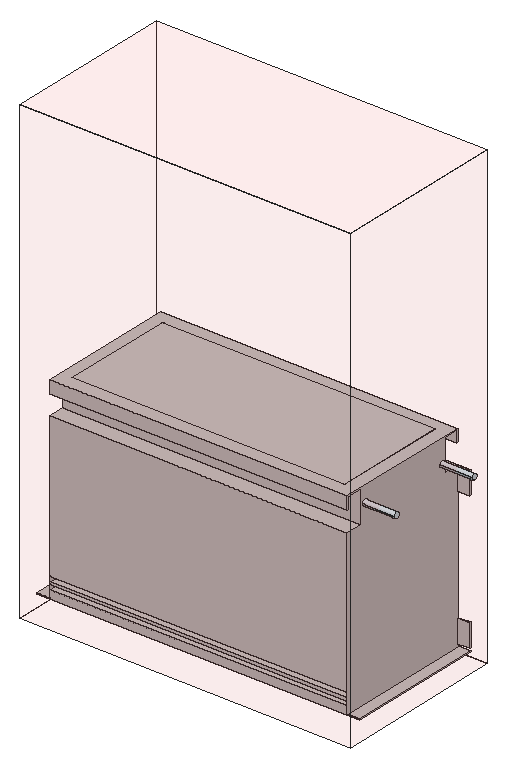
Revit family "Air-Curtain_Vestibule-Except_PoweredAire_ETA-HWST", category Mechanical Equipment, host Face, Revit 2016
Family settings
  Host = Face
  Part Type = Normal
  Round Connector Dimension = Use Diameter
  OmniClass Number = 23.75.35.17.21
  OmniClass Title = Air Curtains
  Cut with Voids When Loaded = No
  Shared = No
  Room Calculation Point = No
Parameters
  upperrotation [instance] = if(Upper Pipe Connection Side A, 0.00°, 180.00°)  # 0.00°
  lowerrotation [instance] = if(Lower Pipe Connection Side A, 0.00°, 180.00°)  # 0.00°
  locateupperpipe [instance] = if(Upper Pipe Connection Side A, 0' 0", Nozzle Width)  # 0' - 0"
  locatelowerpipe [instance] = if(Lower Pipe Connection Side A, 0' 0", Nozzle Width)  # 0' - 0"
  Warranty Duration (Years) = 0
  Upper Pipe Connection Side A [instance] = yes
  Unit Width Notes = "Other Widths available."  # constant formula
  Unit Width = 3' - 3"
  Unit Weight = 0
  Unit Height = 1' - 4 3/4"
  Unit Depth [instance] = if(Include Filters, 2' 1 7/8", 1' 11 3/4")  # 1' - 11 3/4"
  URL = "http://www.poweredaire.com/"
  Test Data = ""
  Standards Conformance = "as Specified"
  Specification = "http://www.arcat.com/sdspecs/htm04/23_34_33pai.htm"
  SpecWizard = ""
  Sound Pressure = "as Specified"
  Sales Information = "http://www.poweredaire.com/contact_us"
  Revision = "R1_2016-08"
  Projection from Host [instance] = 0' - 2"
  Product Properties = ""
  Product Data = "http://www.arcat.com/arcatcos/cos47/arc47623.html"
  Power Rating = 0 W
  Piping_Water Flow [instance] = 0 GPM
  Piping_Operating Pressure [instance] = 0.00 psi
  Piping_Exit Temperature [instance] = 0 °F
  Piping_Entry Temperature [instance] = 0 °F
  Pipe OD [instance] = 5/8"
  Nozzle Width = if(1 = 1, Unit Width - 0' 3", 0' 0")  # 3' - 0"
  Mounting Width = if(1 = 1, Unit Width - 0' 1 1/2", 0' 0")  # 3' - 1 1/2"
  Mounting Height [instance] = 3' - 6"
  Motor RPM = 0
  Motor HP = 0
  Motor Count = 0
  Model = "As Specified"
  Max Height = 0' - 0"
  Manufacturer Website = "http://www.poweredaire.com/"
  Manufacturer Phone - Toll Free = "888-321-2473"
  Manufacturer Phone = "724-588-3305"
  Manufacturer Fax = "724-588-3371"
  Manufacturer Address = "109 Mortensen Rd.  Greenville, PA 16125"
  Manufacturer = "Powered Aire, Inc"
  Maintenance Schedule (Months) = 0
  Lower Pipe Connection Side A [instance] = yes
  Keynote = "23 34 33"
  Installation-Fabrication = ""
  Installation Phase = ""
  Include Filters [instance] = no
  Include Clearance [instance] = yes
  Heating Element Load = 0 W
  HVAC_Temperature Rise = 0 °F
  HVAC_Outlet Volume = 0 CFM
  HVAC_Outlet Velocity Uniformity = 0
  HVAC_Outlet Velocity = 0 FPM
  HVAC_BTU Input = 0.0 Btu/h
  Green Building-LEED = "http://www.arcat.com/green/clients/leed_data_47623.html"
  Front Grating Material [instance] = Metal - Steel - PoweredAire - Stainless 304 Perforated
  Frame Finish [instance] = Metal - Steel - PoweredAire - Stainless 304
  Expected Lifespan (Years) = 0
  Electrical_Wattage [instance] = Power Rating + Heating Element Load  # 0 W
  Electrical_Voltage [instance] = 0 V
  Electrical_Phase [instance] = 1
  Electrical_Frequency [instance] = 0 Hz
  Electrical_Amperage [instance] = 0 A
  Drawn By = "Sumex Design, Inc. / Robert S. Weygant, CSI, CDT, SCIP"
  Description = "Powered Aire Air Curtain as Specified"
  Default Elevation = 0' - 0"  # constant formula
  Copyright = "©Arcat Inc."
  Construction Details = "http://www.arcat.com/details/powair/prod3336.html"
  Clearance_Top [instance] = 0' - 2"
  Clearance_Side B [instance] = 0' - 0 1/2"
  Clearance_Side A [instance] = 0' - 0 1/2"
  Clearance_Intake [instance] = 2' - 6"
  Clearance_Bottom [instance] = 0' - 2"
  Clearance Material [instance] = ARCAT Clearance
  Building Codes = ""
  Available Options [instance] = "as Specified"
  Assembly Code = "D3090400"
Reference planes (in)
  plane 1 "Center (Elevation)": y = 0.13818
  plane 2: z = 0
  plane 3 "Center (Left/Right)": x = 0
  plane 4: y = 8.51318
  plane 5: y = -8.23682
  plane 6: x = -19.5
  plane 7: x = 19.5
  plane 8: z = 25.75
  plane 9 "FF": y = -41.86182
  plane 10: z = 2
  plane 11: x = 18
  plane 12: x = -18
  plane 13: y = 10.51318
  plane 14: y = -10.23682
  plane 15: x = -20
  plane 16: x = 20
  plane 17: z = 55.75
  plane 18: x = 17.9375
  plane 19: x = -17.9375
  plane 20: x = 18
  plane 21: x = 18
  plane 22: y = 6.01318
  plane 23: y = -5.73682
Forms (in)
  Extrusion 1, solid, material "Metal - Steel - PoweredAire - Stainless 304" <- "Frame Finish"
    sketch origin (0, 0, 0) x (0, 1, 0) y (0, 0, 1)
      loop
        line (-8.23682, 2) -> (8.51318, 2) -> (8.51318, 21.8125) -> (6.51318, 21.8125) -> (6.51318, 25.625) -> (8.38818, 25.625) -> (8.38818, 24.25) -> (8.51318, 24.25) -> (8.51318, 25.75) -> (-8.23682, 25.75) -> (-8.23682, 24.25) -> (-8.11182, 24.25) -> (-8.11182, 25.625) -> (-6.23682, 25.625) -> (-6.23682, 21.8125) -> (-8.23682, 21.8125) -> (-8.23682, 2)
    from -18 to 18
  Extrusion 2, solid, material "ARCAT Clearance" <- "Clearance Material", visible <- "Include Clearance"
    sketch origin (0, 0, 0) x (0, 1, 0) y (0, 0, 1)
      loop
        line (-10.23682, 55.75) -> (-10.23682, 0) -> (10.51318, 0) -> (10.51318, 55.75) -> (-10.23682, 55.75)
    from -20 to 20
  Extrusion 3, solid, material "Metal - Steel - PoweredAire - Stainless 304" <- "Frame Finish"
    sketch origin (-15.17702, -180, 2) x (-1, 0, 0) y (0, -1, 0)
      loop
        line (-33.17702, -188.51318) -> (-33.17702, -171.76318) -> (-34.67702, -171.76318) -> (-34.67702, -188.51318) -> (-33.17702, -188.51318)
      loop
        line (2.82298, -188.51318) -> (4.32298, -188.51318) -> (4.32298, -171.76318) -> (2.82298, -171.76318) -> (2.82298, -188.51318)
    from 0 to 0.125
  Extrusion 4, solid, material "Metal - Steel - PoweredAire - Stainless 304" <- "Frame Finish"
    sketch origin (-11.83813, 8.51318, 48) x (-1, 0, 0) y (0, 0, 1)
      loop
        line (-29.83813, -45.5) -> (-29.83813, -42.75) -> (-31.33813, -42.75) -> (-31.33813, -45.5) -> (-29.83813, -45.5)
      loop
        line (-29.83813, -28.9375) -> (-29.83813, -26.1875) -> (-31.33813, -26.1875) -> (-31.33813, -28.9375) -> (-29.83813, -28.9375)
      loop
        line (6.16187, -45.5) -> (7.66187, -45.5) -> (7.66187, -42.75) -> (6.16187, -42.75) -> (6.16187, -45.5)
      loop
        line (6.16187, -28.9375) -> (7.66187, -28.9375) -> (7.66187, -26.1875) -> (6.16187, -26.1875) -> (6.16187, -28.9375)
    from 0 to -0.125
  Extrusion 5, void
    sketch origin (0, 0, 0) x (0, 1, 0) y (0, 0, 1)
      loop
        line (-8.23682, 3) -> (-7.23682, 3) -> (-7.23682, 4.5) -> (-8.23682, 4.5) -> (-8.23682, 3.82425) -> (-7.38364, 3.82425) -> (-7.38364, 3.57425) -> (-8.23682, 3.57425) -> (-8.23682, 3)
    from -17.9375 to 17.9375
  Extrusion 6, solid, material "Metal - Steel - PoweredAire - Stainless 304 Perforated" <- "Front Grating Material"
    sketch origin (0, -8.23682, 25.75) x (0, 1, 0) y (-1, 0, 0)
      loop
        line (15.25, 16.5) -> (1.5, 16.5) -> (1.5, -16.5) -> (15.25, -16.5) -> (15.25, 16.5)
    from 0 to 0.03125
  Sweep 7, solid
    path origin (18, 6.01318, 0) x (1, 0, 0) y (0, 1, 0)
      loop
        line (0, 0) -> (4, 0)
    profile origin (20, 6.01318, 0) x (0, 1, 0) y (0, 0, 1)
      loop
        circle (0, 23) r 0.3125
  Sweep 8, solid
    path origin (18, -5.73682, 0) x (1, 0, 0) y (0, 1, 0)
      loop
        line (0, 0) -> (4, 0)
    profile origin (20, -5.73682, 0) x (0, 1, 0) y (0, 0, 1)
      loop
        circle (0, 24) r 0.3125
Cuts and joins
  Extrusion 5 cuts Extrusion 1
Lines and regions (in)
  reference lines
    curve 1: line (18, 6.01318, 0) -> (22.75, 6.01318, 0)
    curve 2: line (18, -5.73682, 0) -> (23.75, -5.73682, 0)
Dimensions and locks (in)
  equal spacing: plane 4, plane 1 "Center (Elevation)", plane 5
  "Unit Height": plane 4 to plane 5
  equal spacing: plane 6, plane 3 "Center (Left/Right)", plane 7
  "Unit Width": plane 6 to plane 7
  "Mounting Height": plane 1 "Center (Elevation)" to plane 9 "FF"
  "Projection from Host": plane 10 to level
  "Unit Depth": plane 8 to plane 10
  locked: plane 6 to plane 12 at 1.5
  locked: plane 11 to plane 7 at 1.5
  "Clearance_Side A": plane 7 to plane 16
  "Clearance_Side B": plane 15 to plane 6
  "Clearance_Top": plane 13 to plane 4
  "Clearance_Bottom": plane 5 to plane 14
  "Clearance_Intake": plane 17 to plane 8
  plane 5 to Extrusion 1 sketch curve to Extrusion 1 sketch curve = 0' - 0 1/8" locked, 0' - 1 7/8" locked
  Extrusion 1 sketch curve to Extrusion 1 sketch curve to plane 4 = 0' - 1 7/8" locked, 0' - 0 1/8" locked
  Extrusion 4 sketch curve to Extrusion 4 sketch curve to Extrusion 4 sketch curve to Extrusion 4 sketch curve to plane 10 = 0' - 2 3/4" locked, 1' - 1 13/16" locked, 0' - 2 3/4" locked, 0' - 0 1/2" locked
  Extrusion 4 sketch curve to Extrusion 4 sketch curve to Extrusion 4 sketch curve to Extrusion 4 sketch curve = 0' - 2 3/4" locked, 1' - 1 13/16" locked, 0' - 2 3/4" locked
  locked: Extrusion 4 sketch curve to plane 10 at 0.5
  plane 8 to Extrusion 1 sketch curve to Extrusion 1 sketch curve = 0' - 0 1/8" locked, 0' - 1 3/8" locked  (x2)
  locked: Extrusion 1 sketch curve to plane 10 at 19.8125  (x2)
  Extrusion 5 sketch curve to Extrusion 5 sketch curve to Extrusion 5 sketch curve to Extrusion 5 sketch curve to plane 10 = 0' - 0.67575" locked, 0' - 0 1/4" locked, 0' - 0.57425" locked, 0' - 1" locked
  plane 5 to Extrusion 5 sketch curve to Extrusion 5 sketch curve = 0' - 0.85319" locked, 0' - 0.14681" locked
  locked: plane 19 to plane 12 at 0.0625
  locked: plane 11 to plane 18 at 0.0625
  locked: plane 4 to Extrusion 6 sketch curve at 1.5
  locked: Extrusion 6 sketch curve to plane 5 at 1.5
  locked: Extrusion 6 sketch curve to plane 11 at 1.5
  locked: plane 12 to Extrusion 6 sketch curve at 1.5
  "locateupperpipe": plane 20 to plane 11
  "locatelowerpipe": plane 21 to plane 11
  locked: plane 4 to plane 22 at 2.5
  locked: plane 23 to plane 5 at 2.5
  locked: curve 1 to Sweep 7 sketch curve at 4
  locked: curve 1 to Sweep 7 sketch curve
  locked: Sweep 7 sketch curve to plane 10 at 21
  locked: curve 2 to Sweep 8 sketch curve at 4
  locked: curve 2 to Sweep 8 sketch curve
  locked: Sweep 8 sketch curve to plane 10 at 22
  "upperrotation": angle plane 22 to curve 1
  "lowerrotation": angle plane 23 to curve 2
  aligned and locked: plane 2 to host face
  aligned and locked: level to host face
  aligned and locked: Extrusion 2 sketch curve to plane 17
  aligned and locked: plane 14 to Extrusion 2 sketch curve
  aligned and locked: level to Extrusion 2 sketch curve
  aligned and locked: Extrusion 2 sketch curve to plane 13
  aligned and locked: plane 16 to Extrusion 2
  aligned and locked: Extrusion 2 to plane 15
  aligned and locked: plane 11 to Extrusion 1
  aligned and locked: Extrusion 1 to plane 12
  aligned and locked: plane 21 to curve 2
  aligned and locked: plane 23 to curve 2
  aligned and locked: plane 22 to curve 1
  aligned and locked: plane 20 to curve 1
Automatic sketch dimensions
  host sketch curve to host sketch curve = 8' - 0"  (x2)
  Extrusion 1 sketch curve to plane 5 = 0' - 0"  (x2)
  Extrusion 1 sketch curve to plane 4 = 0' - 0"  (x2)
  Extrusion 1 sketch curve to plane 10 = 0' - 0"
  Extrusion 1 sketch curve to plane 8 = 0' - 0"
  plane 4 to Extrusion 3 sketch curve = 0' - 0"
  Extrusion 3 sketch curve to plane 7 = 0' - 0"
  plane 5 to Extrusion 3 sketch curve = 0' - 0"
  Extrusion 3 sketch curve to plane 11 = 0' - 0"
  Extrusion 3 sketch curve to plane 4 = 0' - 0"
  Extrusion 3 sketch curve to plane 12 = 0' - 0"
  Extrusion 3 sketch curve to plane 6 = 0' - 0"
  Extrusion 3 sketch curve to plane 5 = 0' - 0"
  Extrusion 4 sketch curve to plane 7 = 0' - 0"  (x2)
  Extrusion 4 sketch curve to plane 11 = 0' - 0"  (x2)
  Extrusion 4 sketch curve to plane 12 = 0' - 0"  (x2)
  Extrusion 4 sketch curve to plane 6 = 0' - 0"  (x2)
  Extrusion 5 sketch curve to plane 5 = 0' - 0"  (x2)
  Sweep 7 sketch curve to profile plane = 0' - 0"
  Sweep 8 sketch curve to profile plane = 0' - 0"
  radius of Sweep 7 sketch curve = 0' - 0 5/16"
  radius of Sweep 8 sketch curve = 0' - 0 5/16"
Connectors (in)
  piping at (22, 6.01318, 23), diameter 0.625, driven by "Pipe OD", driven by "Piping_Water Flow"
    settings: on Sweep 7, index 1, connector inside diameter 24", connector length 0' - 0", flow factor 0, pipe flow 0 GPM, pressure drop 0.00 psi, fitting loss kfactor 0, connector angle 0.00°, fixture units 0, engagement length 0' - 0", angle of deflection 0.00°, flow configuration 0, flow direction 0, fitting loss method 0, system type 29, joint type 0, gender type 0, connector reference index -1, connector utility 0, adjustable connector no, is connector primary yes, connector description "Define Supply or Return and Location"
  piping at (22, -5.73682, 24), diameter 0.625, driven by "Pipe OD", driven by "Piping_Water Flow"
    settings: on Sweep 8, index 2, connector inside diameter 24", connector length 0' - 0", flow factor 0, pipe flow 0 GPM, pressure drop 0.00 psi, fitting loss kfactor 0, connector angle 0.00°, fixture units 0, engagement length 0' - 0", angle of deflection 0.00°, flow configuration 0, flow direction 0, fitting loss method 0, system type 29, joint type 0, gender type 0, connector reference index -1, connector utility 0, adjustable connector no, is connector primary no, connector description "Define Supply or Return and Location"
  electrical at (-18, 0.13818, 21.39062), driven by "Electrical_Voltage", driven by "Electrical_Phase"
    settings: on cut or joined group of Extrusion 1, Extrusion 5, index 3, voltage 0 V, apparent load 0 VA, apparent load phase1 0 VA, apparent load phase2 0 VA, apparent load phase3 0 VA, power factor 1, load classification "Motor", number of poles 1, system type 31, power factor state 1, is connector primary yes, connector utility no, sub classification motor no, connector description ""
